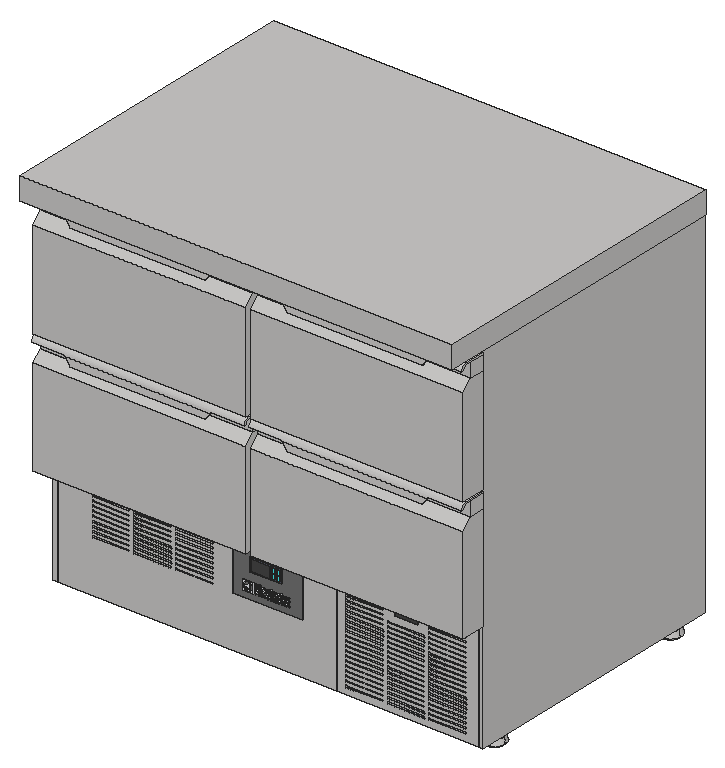
Revit family "QF_ELECTROLUXPROFESSIONAL_725113_SAL25T04", category Attrezzature speciali, Revit 2021 (continued)
Definition of nested family "HORIZREF_FEET20"
  Automatic sketch dimensions
    Revolve 1 sketch curve to Revolve 1 sketch curve = 2.414 mm
    plane 4 to Revolve 1 sketch curve = 50 mm
    Revolve 1 sketch curve to Revolve 1 sketch curve = 20 mm
    Revolve 2 sketch curve to plane 3 "Center (Left/Right)" = 0 mm  (x2)
    Revolve 2 sketch curve to plane 4 = 0 mm
    Revolve 2 sketch curve to plane 4 = 6 mm
    plane 3 "Center (Left/Right)" to Revolve 2 sketch curve = 10 mm
    Revolve 2 sketch curve to Revolve 2 sketch curve = 50 mm
    Revolve 2 sketch curve to Revolve 2 sketch curve = 20 mm
Definition of nested family "Refrigerator"
  Reference planes
    plane 1 "Center (Front/Back)": y = 0
    plane 2: z = 0
    plane 3 "Center (Left/Right)": x = 0
  Lines and regions (mm)
    detail lines, in view "Ref. Level"
      curve 1: spline (-500, 190, 0) -> (-493.185, 166.706, 0) -> (-473.205, 145, 0) -> (-441.421, 126.36, 0) -> (-400, 112.058, 0) -> (-351.764, 103.067, 0) -> (-300, 100, 0) -> (-248.236, 103.067, 0) -> (-200, 112.058, 0) -> (-158.579, 126.36, 0) -> (-126.795, 145, 0) -> (-106.815, 166.706, 0) -> (-100, 190, 0) -> (-106.815, 213.294, 0) -> (-126.795, 235, 0) -> (-158.579, 253.64, 0) -> (-200, 267.942, 0) -> (-248.236, 276.933, 0) -> (-300, 280, 0) -> (-351.764, 276.933, 0) -> (-400, 267.942, 0) -> (-441.421, 253.64, 0) -> (-473.205, 235, 0) -> (-493.185, 213.294, 0) -> (-500, 190, 0)
      curve 2: line (-300, 130, 0) -> (-300, 250, 0)
      curve 3: line (-351.962, 220, 0) -> (-248.038, 160, 0)
      curve 4: line (-351.962, 160, 0) -> (-248.038, 220, 0)
      curve 5: line (-280.884, 246.873, 0) -> (-300, 225, 0)
      curve 6: line (-300, 225, 0) -> (-319.116, 246.873, 0)
      curve 7: line (-330.311, 207.5, 0) -> (-339.696, 234.992, 0)
      curve 8: line (-358.812, 201.882, 0) -> (-330.311, 207.5, 0)
      curve 9: line (-330.311, 172.5, 0) -> (-358.812, 178.118, 0)
      curve 10: line (-339.696, 145.008, 0) -> (-330.311, 172.5, 0)
      curve 11: line (-300, 155, 0) -> (-319.116, 133.127, 0)
      curve 12: line (-280.884, 133.127, 0) -> (-300, 155, 0)
      curve 13: line (-269.689, 172.5, 0) -> (-260.304, 145.008, 0)
      curve 14: line (-241.188, 178.118, 0) -> (-269.689, 172.5, 0)
      curve 15: line (-269.689, 207.5, 0) -> (-241.188, 201.882, 0)
      curve 16: line (-260.304, 234.992, 0) -> (-269.689, 207.5, 0)
